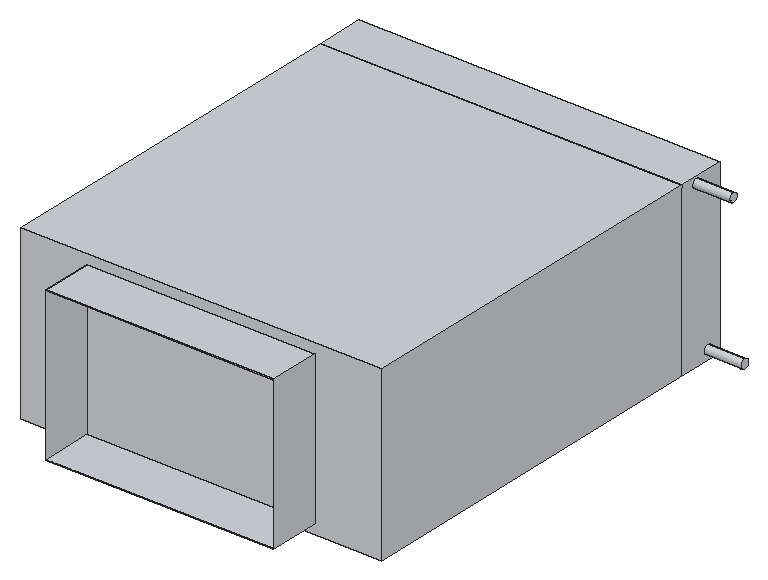
Revit family "EZTA (24x16) with Hot Water Coil", category Mechanical Equipment, Revit 2016
Family settings
  Part Type = Normal
  Round Connector Dimension = Use Radius
  Work Plane-Based = No
  Always vertical = Yes
  Cut with Voids When Loaded = No
  Shared = No
  Room Calculation Point = No
Parameters (values of type "EZTS - 24x16 with 1 Row Hot Water Coil")
  Width = 38"
  URL = "http://www.anemostat.com"
  Model = "EZTS With Hot Water Coil"
  Manufacturer = "Anemostat"
  Length = 39 1/2"
  Height = 18"
  HWC Depth "A" = 7"
  HWC Conn Radius = HWC Conn Diameter / 2  # 7/16"
  HWC Conn Diameter = 7/8"
  HWC Conn "E" = 1 39/256"
  HWC Conn "D" = 17/32"
  HWC Conn "C" = 3 1/4"
  HWC Conn "B" = 1 3/4"
  Duct Inlet Width = 24"
  Duct Inlet Height = 16"
  Duct Discharge Width = 38"
  Duct Discharge Height = 18"
  Control Enclosure [instance] = yes
Types (3): name | HWC Conn "C"
  (no name) | 3 1/4"
  EZTS - 24x16 with 1 Row Hot Water Coil | 3 1/4"
  EZTS - 24x16 with 2 Row Hot Water Coil | 2 213/256"
Reference planes (in)
  plane 1 "Center (Front/Back)": y = 0
  plane 2: z = 0
  plane 3 "Center (Left/Right)": x = 0
  plane 4: x = -19
  plane 5 "Right Side": x = 19
  plane 6: z = 18
  plane 7 "Back of Box": y = 39.5
  plane 8: x = -12
  plane 9: x = 12
  plane 10: z = 17
  plane 11: z = 1
  plane 12: x = -11.967
  plane 13: x = 11.967
  plane 14: z = 16.967
  plane 15: z = 1.033
  plane 16 "Back of HWC": y = 35
  plane 17: y = 41.25
  plane 18: z = 17.46875
  plane 19: z = 1.15234
  plane 20: y = 42.75
Forms (in)
  Extrusion 1, solid
    sketch origin (0, 0, 0) x (1, 0, 0) y (0, 0, 1)
      loop
        line (-19, 18) -> (-19, 0) -> (19, 0) -> (19, 18) -> (-19, 18)
    from 0 to -39.5
  Extrusion 2, solid
    sketch origin (0, 0, 0) x (1, 0, 0) y (0, 0, 1)
      loop
        line (-12, 17) -> (-12, 1) -> (12, 1) -> (12, 17) -> (-12, 17)
    from 0 to 5.4375
  Extrusion 3, void
    sketch origin (0, 0, 0) x (1, 0, 0) y (0, 0, 1)
      loop
        line (-11.967, 16.967) -> (-11.967, 1.033) -> (11.967, 1.033) -> (11.967, 16.967) -> (-11.967, 16.967)
    from 0 to 5.4375
  Extrusion 4, solid
    sketch origin (0, 39.5, 0) x (0, 0, 1) y (-1, 0, 0)
      loop
        line (18, -19) -> (18, 19) -> (0, 19) -> (0, -19) -> (18, -19)
    from 0 to -5
  Extrusion 5, solid
    sketch origin (19, 0, 0) x (0, 0, 1) y (0, -1, 0)
      loop
        circle (17.46875, -41.25) r 0.4375
    from 0 to 4
  Extrusion 6, solid
    sketch origin (19, 0, 0) x (0, 0, 1) y (0, -1, 0)
      loop
        circle (1.15234, -42.75) r 0.4375
    from 0 to 4
Cuts and joins
  Extrusion 3 cuts Extrusion 1
  Extrusion 3 cuts Extrusion 2
Dimensions and locks (in)
  equal spacing: plane 5 "Right Side", plane 3 "Center (Left/Right)", plane 4
  "Width": plane 5 "Right Side" to plane 4
  "Height": plane 6 to level
  "Length": plane 7 "Back of Box" to plane 1 "Center (Front/Back)"
  plane 4 to plane 8 to plane 3 "Center (Left/Right)" = 7", 12"
  equal spacing: plane 9, plane 3 "Center (Left/Right)", plane 8
  "HWC Conn "B"": plane 7 "Back of Box" to plane 17
  "HWC Conn "D"": plane 6 to plane 18
  "HWC Conn "E"": plane 19 to level
  "HWC Conn "C"": plane 7 "Back of Box" to plane 20
  aligned and locked: Extrusion 2 sketch curve to plane 10
  aligned and locked: plane 8 to Extrusion 2 sketch curve
  aligned and locked: plane 11 to Extrusion 2 sketch curve
  aligned and locked: Extrusion 2 sketch curve to plane 9
  aligned and locked: Extrusion 1 to plane 7 "Back of Box"
Automatic sketch dimensions
  Extrusion 1 sketch curve to level = 0"
  Extrusion 1 sketch curve to plane 4 = 0"
  Extrusion 1 sketch curve to plane 5 "Right Side" = 0"
  Extrusion 1 sketch curve to plane 6 = 0"
  Extrusion 3 sketch curve to plane 12 = 0"
  Extrusion 3 sketch curve to plane 13 = 0"
  Extrusion 3 sketch curve to plane 15 = 0"
  Extrusion 3 sketch curve to plane 14 = 0"
  Extrusion 4 sketch curve to level = 0"
  Extrusion 4 sketch curve to plane 5 "Right Side" = 0"
  Extrusion 4 sketch curve to plane 6 = 0"
  Extrusion 4 sketch curve to plane 4 = 0"
  Extrusion 5 sketch curve to plane 17 = 0"
  Extrusion 5 sketch curve to plane 18 = 0"
  Extrusion 6 sketch curve to plane 19 = 0"
  Extrusion 6 sketch curve to plane 20 = 0"
  radius of Extrusion 5 sketch curve = 7/16"
  radius of Extrusion 6 sketch curve = 7/16"
Connectors (in)
  hvac at (0, -5.4375, 9), driven by "Duct Inlet Height", driven by "Duct Inlet Width"
    settings: on cut or joined group of Extrusion 2, Extrusion 3, index 1, duct flow 0 CFM, flow factor 0, pres drop 0.00 in-wg, loss coef 0, conn angle 0.00°, conn width 24", conn height 16", conn diameter 24", duct sys type 3, conn prof type 1, flow config 0, flow direction 0, loss method 0, conn ref index -1, conn util no, is conn primary yes, conn desc ""
  hvac at (0, 44.5, 9), driven by "Duct Discharge Height", driven by "Duct Discharge Width"
    settings: on Extrusion 4, index 2, duct flow 0 CFM, flow factor 0, pres drop 0.00 in-wg, loss coef 0, conn angle 0.00°, conn width 38", conn height 18", conn diameter 24", duct sys type 3, conn prof type 1, flow config 0, flow direction 0, loss method 0, conn ref index -1, conn util no, is conn primary no, conn desc ""
  piping at (23, 41.25, 17.46875), diameter 0.875, driven by "HWC Conn Radius"
    settings: on Extrusion 5, index 3, connector inside diameter 24", connector length 0", flow factor 0, pipe flow 0 GPM, pressure drop 0.00 psi, fitting loss kfactor 0, connector angle 0.00°, fixture units 0, engagement length 0", angle of deflection 0.00°, flow configuration 0, flow direction 0, fitting loss method 0, system type 19, joint type 0, gender type 0, connector reference index -1, connector utility 0, adjustable connector no, is connector primary yes, connector description ""
  piping at (23, 42.75, 1.15234), diameter 0.875, driven by "HWC Conn Radius"
    settings: on Extrusion 6, index 4, connector inside diameter 24", connector length 0", flow factor 0, pipe flow 0 GPM, pressure drop 0.00 psi, fitting loss kfactor 0, connector angle 0.00°, fixture units 0, engagement length 0", angle of deflection 0.00°, flow configuration 0, flow direction 0, fitting loss method 0, system type 19, joint type 0, gender type 0, connector reference index -1, connector utility 0, adjustable connector no, is connector primary no, connector description ""
